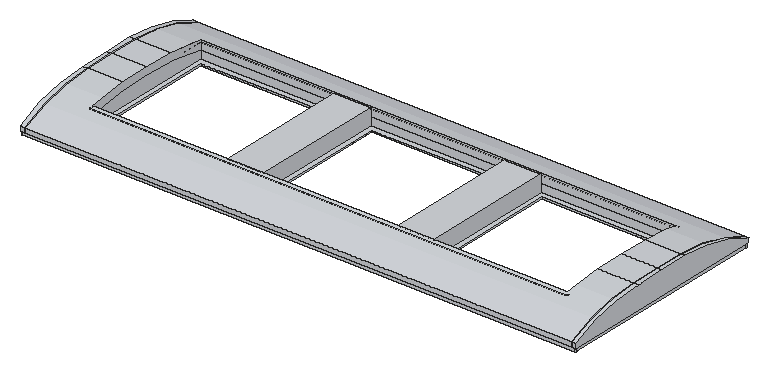
Revit family "Gira_0213726", category Electrical Fixtures, host Face, Revit 2017
Family settings
  Host = Face
  Maintain Annotation Orientation = No
  Round Connector Dimension = Use Diameter
  Part Type = Normal
  Cut with Voids When Loaded = No
  Shared = No
  Room Calculation Point = No
Parameters (values of type "Abdeckrahmen 3f Zwischenr. F Alu Gira Event Klar Weiß")
  Werkstoffgüte = "Thermoplast"
  Werkstoff = "Kunststoff"
  URL = "http://katalog.gira.de/de_DE/datenblatt.html?artikelnr=0213726"
  Transparent = "No"
  Textfeld/Beschriftungsfläche = "No"
  Schutzart (IP) = "IP20"
  Region = "DE"
  Oberfläche = "sonstige"
  Name = "Abdeckrahmen 3f Zwischenr. F Alu Gira Event Klar Weiß"
  Montagerichtung = "horizontal und vertikal"
  Mit Montagerahmen = "No"
  Mit Klappdeckel = "No"
  Manufacturer URL = "https://www.gira.de/"
  Keynote = "Event_Rahmen_3fach"
  HeinzeBIM = "https://bimportal.heinze.de/bim/abdeckrahmen-3f-zwischenr-f-alu-gira-event-klar-weiss/8776d866cc49d737594ab604e6587b2f642570b7"
  Halogenfrei = "Yes"
  HAN = "0213726"
  Geeignet für Unterputz-Installation = "Yes"
  Geeignet für Unterflurkanaldose = "No"
  Geeignet für Geräteeinbaukanal = "No"
  Geeignet für Einbauinstallation = "No"
  GTIN = "4010337068723"
  Farbe = "weiß"
  Default Elevation = 1219.2 mm
  Data sheet (1) = "https://katalog.gira.de/de_DE/download.html?artikelnr=0213726"
  Category = "Abdeckrahmen"
  Befestigungsart = "Klemmbefestigung"
  Available = "Yes"
  Anzahl der Einheiten vertikal = "3 "
  Anzahl der Einheiten horizontal = "3 "
  Anzahl der Einheiten = "3 "
Reference planes
  plane 1 "Center (Front/Back)": y = 0
  plane 2: z = 0
  plane 3 "Center (Left/Right)": x = 0
Forms (mm)
  Extrusion 1, solid, detail levels fine
    sketch origin (0, 0, 0.05) x (0, 1, 0) y (0, 0, 1)
      loop
        arc (12.445, 9.683) -> (6.223, 9.833) -> (0, 9.85) r 291.636
        arc (0, 9.85) -> (-6.223, 9.833) -> (-12.445, 9.683) r 291.636
        arc (-12.445, 9.683) -> (-29.14, 7.482) -> (-45, 1.823) r 79.728
        line (-45, 1.823) -> (-45, -0.05) -> (-42.086, -0.05)
        arc (-42.086, -0.05) -> (-21.385, 5.559) -> (0, 7.206) r 114.424
        arc (0, 7.206) -> (21.385, 5.559) -> (42.086, -0.05) r 114.424
        line (42.086, -0.05) -> (45, -0.05) -> (45, 1.823)
        arc (45, 1.823) -> (29.14, 7.482) -> (12.445, 9.683) r 79.728
    from -114.3 to 114.3
  Extrusion 2, void, detail levels fine
    sketch origin (0, 0, 0) x (1, 0, 0) y (0, 1, 0)
      loop
        line (-99.355, -28.053) -> (99.355, -28.053) -> (99.355, 28.053) -> (-99.355, 28.053) -> (-99.355, -28.053)
    from 0.724 to 11
  Extrusion 3, solid, detail levels coarse
    sketch origin (0, 0, 0) x (1, 0, 0) y (0, 1, 0)
      loop
        line (-116.3, 45) -> (-116.3, -45) -> (116.3, -45) -> (116.3, 45) -> (-116.3, 45)
    from -1.5 to 9.9
  Extrusion 4, solid, detail levels medium
    sketch origin (0, 0, 0.05) x (0, 1, 0) y (0, 0, 1)
      loop
        arc (12.445, 9.683) -> (6.223, 9.833) -> (0, 9.85) r 291.636
        arc (0, 9.85) -> (-6.223, 9.833) -> (-12.445, 9.683) r 291.636
        arc (-12.445, 9.683) -> (-29.14, 7.482) -> (-45, 1.823) r 79.728
        line (-45, 1.823) -> (-45, -0.05) -> (45, -0.05) -> (45, 1.823)
        arc (45, 1.823) -> (29.14, 7.482) -> (12.445, 9.683) r 79.728
    from -116.3 to 116.3
  Extrusion 5, solid, detail levels fine
    sketch origin (-71.3, 0, -1.5) x (0, 1, 0) y (0, 0, -1)
      loop
        line (45, -3.373) -> (45, -1.5) -> (-45, -1.5) -> (-45, -3.373)
        arc (-45, -3.373) -> (-29.14, -9.032) -> (-12.445, -11.233) r 79.728
        arc (-12.445, -11.233) -> (-6.223, -11.383) -> (0, -11.4) r 291.636
        arc (0, -11.4) -> (6.223, -11.383) -> (12.445, -11.233) r 291.636
        arc (12.445, -11.233) -> (29.14, -9.032) -> (45, -3.373) r 79.728
    from 43 to 45
  Extrusion 6, solid, detail levels fine
    sketch origin (0, 0, 0) x (1, 0, 0) y (0, 1, 0)
      loop
        line (-97.195, 25.7) -> (-97.195, -25.7) -> (-45.395, -25.7) -> (-45.395, 25.7) -> (-97.195, 25.7)
      loop
        line (25.9, -25.7) -> (25.9, 25.7) -> (-25.9, 25.7) -> (-25.9, -25.7) -> (25.9, -25.7)
      loop
        line (-100.19, 28.49) -> (-100.19, -28.495)
        spline (-100.19, -28.495) -> (-100.181, -28.625) -> (-100.156, -28.754) -> (-100.113, -28.878) -> (-100.056, -28.995) -> (-99.983, -29.104) -> (-99.897, -29.202) -> (-99.798, -29.288) -> (-99.69, -29.361) -> (-99.572, -29.419) -> (-99.448, -29.461) -> (-99.32, -29.486) -> (-99.19, -29.495)
        line (-99.19, -29.495) -> (99.195, -29.495)
        spline (99.195, -29.495) -> (99.325, -29.486) -> (99.454, -29.461) -> (99.578, -29.419) -> (99.695, -29.361) -> (99.804, -29.288) -> (99.902, -29.202) -> (99.988, -29.104) -> (100.061, -28.995) -> (100.119, -28.878) -> (100.161, -28.754) -> (100.186, -28.625) -> (100.195, -28.495)
        line (100.195, -28.495) -> (100.195, 28.49)
        spline (100.195, 28.49) -> (100.186, 28.62) -> (100.161, 28.748) -> (100.119, 28.872) -> (100.061, 28.99) -> (99.988, 29.098) -> (99.902, 29.197) -> (99.804, 29.283) -> (99.695, 29.356) -> (99.578, 29.413) -> (99.454, 29.456) -> (99.325, 29.481) -> (99.195, 29.49)
        line (99.195, 29.49) -> (-99.19, 29.49)
        spline (-99.19, 29.49) -> (-99.32, 29.481) -> (-99.448, 29.456) -> (-99.572, 29.413) -> (-99.69, 29.356) -> (-99.798, 29.283) -> (-99.897, 29.197) -> (-99.983, 29.098) -> (-100.056, 28.99) -> (-100.113, 28.872) -> (-100.156, 28.748) -> (-100.181, 28.62) -> (-100.19, 28.49)
      loop
        line (97.2, -25.7) -> (97.2, 25.7) -> (45.4, 25.7) -> (45.4, -25.7) -> (97.2, -25.7)
    from 0.1 to 7.3
  Extrusion 7, solid
    sketch origin (0, 0, 0) x (1, 0, 0) y (0, 1, 0)
      loop
        arc (-116, -44.2) -> (-115.854, -44.554) -> (-115.5, -44.7) r 0.5
        line (-115.5, -44.7) -> (115.5, -44.7)
        arc (115.5, -44.7) -> (115.854, -44.554) -> (116, -44.2) r 0.5
        line (116, -44.2) -> (116, 44.2)
        arc (116, 44.2) -> (115.854, 44.554) -> (115.5, 44.7) r 0.5
        line (115.5, 44.7) -> (-115.5, 44.7)
        arc (-115.5, 44.7) -> (-115.854, 44.554) -> (-116, 44.2) r 0.5
        line (-116, 44.2) -> (-116, -44.2)
      loop
        line (-114.3, 43) -> (-114.3, -43) -> (114.3, -43) -> (114.3, 43) -> (-114.3, 43)
    from -1.5 to 0.5
  Extrusion 8, solid, detail levels fine
    sketch origin (71.3, 0, -1.5) x (0, 1, 0) y (0, 0, 1)
      loop
        arc (45, 3.373) -> (29.14, 9.032) -> (12.445, 11.233) r 79.728
        arc (12.445, 11.233) -> (6.223, 11.383) -> (0, 11.4) r 291.636
        arc (0, 11.4) -> (-6.223, 11.383) -> (-12.445, 11.233) r 291.636
        arc (-12.445, 11.233) -> (-29.14, 9.032) -> (-45, 3.373) r 79.728
        line (-45, 3.373) -> (-45, 1.5) -> (45, 1.5) -> (45, 3.373)
    from 43 to 45
  Extrusion 9, solid, detail levels medium
    sketch origin (0, 0, 0) x (1, 0, 0) y (0, 1, 0)
      loop
        line (-116, -44.7) -> (116, -44.7) -> (116, 44.7) -> (-116, 44.7) -> (-116, -44.7)
    from -1.5 to 0.5
  Extrusion 10, solid, detail levels fine
    sketch origin (-34.207, 0, 0) x (1, 0, 0) y (0, 1, 0)
      loop
        line (-8.943, 28.063) -> (-8.943, -27.937) -> (6.057, -27.937) -> (6.057, 28.063) -> (-8.943, 28.063)
    from 0.724 to 7.566
  Extrusion 11, solid, detail levels fine
    sketch origin (34.207, 0, 0) x (-1, 0, 0) y (0, -1, 0)
      loop
        line (-8.943, -28.063) -> (6.057, -28.063) -> (6.057, 27.937) -> (-8.943, 27.937) -> (-8.943, -28.063)
    from 0.724 to 7.566
Cuts and joins
  Extrusion 2 cuts Extrusion 1
  Extrusion 2 cuts Extrusion 6
Dimensions and locks
  aligned and locked: plane 2 to host face
  aligned and locked: level to host face
